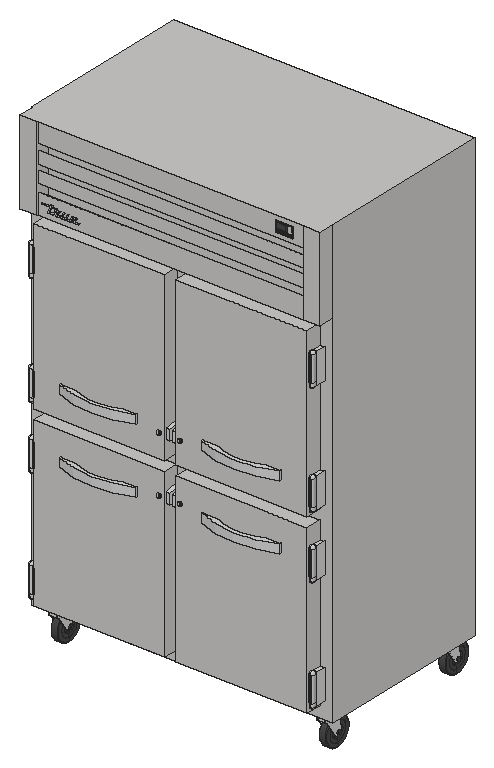
Revit family "QF_TRUE_STG2H-4HS", category Specialty Equipment, Revit 2012 (continued)
Automatic sketch dimensions
  Extrusion 9 sketch curve to Extrusion 9 sketch curve = 0.07764"
  Extrusion 9 sketch curve to Extrusion 9 sketch curve = 0.03794"
  Extrusion 9 sketch curve to Extrusion 9 sketch curve = 0.08552"
  Extrusion 9 sketch curve to Extrusion 9 sketch curve = 0.09296"
  Extrusion 9 sketch curve to Extrusion 9 sketch curve = 0.09314"
  Extrusion 9 sketch curve to Extrusion 9 sketch curve = 0.02781"
  Extrusion 9 sketch curve to Extrusion 9 sketch curve = 0.04981"
  Extrusion 9 sketch curve to Extrusion 9 sketch curve = 0.09315"
  Extrusion 9 sketch curve to Extrusion 9 sketch curve = 0.04799"
  Extrusion 9 sketch curve to Extrusion 9 sketch curve = 0.02531"
  Extrusion 9 sketch curve to Extrusion 9 sketch curve = 0.03054"
  Extrusion 9 sketch curve to Extrusion 9 sketch curve = 0.2589"
  Extrusion 9 sketch curve to Extrusion 9 sketch curve = 0.0674"
  Extrusion 9 sketch curve to Extrusion 9 sketch curve = 0.0324"
  Extrusion 9 sketch curve to Extrusion 9 sketch curve = 0.26185"
  Extrusion 9 sketch curve to Extrusion 9 sketch curve = 11/256"
  Extrusion 9 sketch curve to Extrusion 9 sketch curve = 0.07366"
  Extrusion 9 sketch curve to Extrusion 9 sketch curve = 0.02187"
  Extrusion 9 sketch curve to Extrusion 9 sketch curve = 0.06479"
  Extrusion 9 sketch curve to Extrusion 9 sketch curve = 0.01183"
  Extrusion 9 sketch curve to Extrusion 9 sketch curve = 0.05778"
  Extrusion 9 sketch curve to Extrusion 9 sketch curve = 0.53375"
  Extrusion 9 sketch curve to Extrusion 9 sketch curve = 0.23098"
  Extrusion 9 sketch curve to Extrusion 9 sketch curve = 0"
  Extrusion 9 sketch curve to Extrusion 9 sketch curve = 0.05045"
  Extrusion 9 sketch curve to Extrusion 9 sketch curve = 0.09139"
  Extrusion 9 sketch curve to Extrusion 9 sketch curve = 29/128"  (x3)
  Extrusion 10 sketch curve to plane 10 = 13/32"
  Extrusion 10 sketch curve to plane 6 "TOP" = 2 1/8"
  plane 5 "FRONT" to Extrusion 11 sketch curve = 0"  (x2)
  plane 9 to Extrusion 11 sketch curve = 4.2625"
  Extrusion 11 sketch curve to Extrusion 11 sketch curve = 2.4"  (x2)
  plane 8 to Extrusion 11 sketch curve = 12 13/32"
  Extrusion 11 sketch curve to Extrusion 11 sketch curve = 0"
  plane 5 "FRONT" to Extrusion 11 sketch curve = 0.2"
  Extrusion 11 sketch curve to plane 5 "FRONT" = 7.77899"
  Extrusion 11 sketch curve to Extrusion 11 sketch curve = 7.30945"
  plane 8 to Blend 12 sketch curve = 15/16"  (x2)
  plane 8 to Blend 12 sketch curve = 3/16"
  plane 7 to Blend 12 sketch curve = 35.99169"
  Blend 12 sketch curve to Blend 12 sketch curve = 1 3/4"
  plane 8 to Blend 12 sketch curve = 0.00527"
  plane 7 to Blend 12 sketch curve = 35.3941"
  Blend 12 sketch curve to Blend 12 sketch curve = 2.78233"
  Blend 13 sketch curve to plane 8 = 1 3/32"
  Blend 13 sketch curve to plane 8 = 11/32"
  plane 7 to Blend 13 sketch curve = 37.74169"
  Blend 13 sketch curve to Blend 13 sketch curve = 1 3/4"
  plane 8 to Blend 13 sketch curve = 1 3/32"
  plane 8 to Blend 13 sketch curve = 0.16152"
  Blend 13 sketch curve to plane 7 = 35.3941"
  Blend 13 sketch curve to Blend 13 sketch curve = 2.78233"
  Extrusion 14 sketch curve to plane 5 "FRONT" = 1/2"
  Extrusion 14 sketch curve to Extrusion 14 sketch curve = 0.43503"
  Extrusion 14 sketch curve to Extrusion 14 sketch curve = 0.20453"
  Extrusion 14 sketch curve to Extrusion 14 sketch curve = 1.61044"
  Extrusion 14 sketch curve to plane 6 "TOP" = 24.88873"
  Extrusion 14 sketch curve to Extrusion 14 sketch curve = 0.71221"
  Extrusion 14 sketch curve to Extrusion 14 sketch curve = 4.39928"
  Revolve 15 sketch curve to plane 5 "FRONT" = 0.07771"  (x2)
  Revolve 15 sketch curve to Revolve 15 sketch curve = 0.38242"
  Revolve 15 sketch curve to Revolve 15 sketch curve = 0.38436"
  Revolve 15 sketch curve to plane 5 "FRONT" = 31/64"
  Revolve 15 sketch curve to Revolve 15 sketch curve = 0.40666"
  Revolve 15 sketch curve to Revolve 15 sketch curve = 0"
  Revolve 15 sketch curve to plane 6 "TOP" = 25.07719"
  Revolve 15 sketch curve to Revolve 15 sketch curve = 0.32931"
  Revolve 15 sketch curve to Revolve 15 sketch curve = 0.51246"
  Revolve 15 sketch curve to Revolve 15 sketch curve = 0.05342"
  Revolve 15 sketch curve to Revolve 15 sketch curve = 4.42889"
  Revolve 15 sketch curve to Revolve 15 sketch curve = 0.04281"
  Revolve 15 sketch curve to Revolve 15 sketch curve = 0.18929"
  Revolve 15 sketch curve to Revolve 15 sketch curve = 0.55526"
  Extrusion 16 sketch curve to plane 9 = 0.96009"
  Extrusion 16 sketch curve to Extrusion 16 sketch curve = 0.39759"
  Extrusion 16 sketch curve to plane 6 "TOP" = 24.12421"
  Extrusion 16 sketch curve to Extrusion 16 sketch curve = 4.47281"
  Extrusion 17 sketch curve to plane 5 "FRONT" = 1/2"
  Extrusion 17 sketch curve to Extrusion 17 sketch curve = 0.43503"
  Extrusion 17 sketch curve to Extrusion 17 sketch curve = 0.20453"
  Extrusion 17 sketch curve to Extrusion 17 sketch curve = 1.61044"
  plane 7 to Extrusion 17 sketch curve = 33.61127"
  Extrusion 17 sketch curve to Extrusion 17 sketch curve = 0.71221"
  Extrusion 17 sketch curve to Extrusion 17 sketch curve = 4.39928"
  Revolve 18 sketch curve to plane 5 "FRONT" = 0.07771"  (x2)
  Revolve 18 sketch curve to Revolve 18 sketch curve = 0.38242"
  Revolve 18 sketch curve to Revolve 18 sketch curve = 0.38436"
  Revolve 18 sketch curve to plane 5 "FRONT" = 31/64"
  Revolve 18 sketch curve to Revolve 18 sketch curve = 0.40666"
  Revolve 18 sketch curve to Revolve 18 sketch curve = 0"
  plane 7 to Revolve 18 sketch curve = 33.42281"
  Revolve 18 sketch curve to Revolve 18 sketch curve = 0.32931"
  Revolve 18 sketch curve to Revolve 18 sketch curve = 0.51246"
  Revolve 18 sketch curve to Revolve 18 sketch curve = 0.05342"
  Revolve 18 sketch curve to Revolve 18 sketch curve = 4.42889"
  Revolve 18 sketch curve to Revolve 18 sketch curve = 0.04281"
  Revolve 18 sketch curve to Revolve 18 sketch curve = 0.18929"
  Revolve 18 sketch curve to Revolve 18 sketch curve = 0.55526"
  Extrusion 19 sketch curve to plane 9 = 0.96009"
  Extrusion 19 sketch curve to Extrusion 19 sketch curve = 0.39759"
  plane 7 to Extrusion 19 sketch curve = 34.37579"
  Extrusion 19 sketch curve to Extrusion 19 sketch curve = 4.47281"
  Extrusion 20 sketch curve to plane 5 "FRONT" = 1/2"
  Extrusion 20 sketch curve to Extrusion 20 sketch curve = 0.43503"
  Extrusion 20 sketch curve to Extrusion 20 sketch curve = 0.20453"
  Extrusion 20 sketch curve to Extrusion 20 sketch curve = 1.61044"
  plane 7 to Extrusion 20 sketch curve = 22.61127"
  Extrusion 20 sketch curve to Extrusion 20 sketch curve = 0.71221"
  Extrusion 20 sketch curve to Extrusion 20 sketch curve = 4.39928"
  Revolve 21 sketch curve to plane 5 "FRONT" = 0.07771"  (x2)
  Revolve 21 sketch curve to Revolve 21 sketch curve = 0.38242"
  Revolve 21 sketch curve to Revolve 21 sketch curve = 0.38436"
  Revolve 21 sketch curve to plane 5 "FRONT" = 31/64"
  Revolve 21 sketch curve to Revolve 21 sketch curve = 0.40666"
  Revolve 21 sketch curve to Revolve 21 sketch curve = 0"
  plane 7 to Revolve 21 sketch curve = 22.42281"
  Revolve 21 sketch curve to Revolve 21 sketch curve = 0.32931"
  Revolve 21 sketch curve to Revolve 21 sketch curve = 0.51246"
  Revolve 21 sketch curve to Revolve 21 sketch curve = 0.05342"
  Revolve 21 sketch curve to Revolve 21 sketch curve = 4.42889"
  Revolve 21 sketch curve to Revolve 21 sketch curve = 0.04281"
  Revolve 21 sketch curve to Revolve 21 sketch curve = 0.18929"
  Revolve 21 sketch curve to Revolve 21 sketch curve = 0.55526"
  Extrusion 22 sketch curve to plane 9 = 0.96009"
  Extrusion 22 sketch curve to Extrusion 22 sketch curve = 0.39759"
  plane 7 to Extrusion 22 sketch curve = 23.37579"
  Extrusion 22 sketch curve to Extrusion 22 sketch curve = 4.47281"
  Extrusion 23 sketch curve to plane 5 "FRONT" = 1/2"
  Extrusion 23 sketch curve to Extrusion 23 sketch curve = 0.43503"
  Extrusion 23 sketch curve to Extrusion 23 sketch curve = 0.20453"
  Extrusion 23 sketch curve to Extrusion 23 sketch curve = 1.61044"
  plane 7 to Extrusion 23 sketch curve = 2.86127"
  Extrusion 23 sketch curve to Extrusion 23 sketch curve = 0.71221"
  Extrusion 23 sketch curve to Extrusion 23 sketch curve = 4.39928"
  Revolve 24 sketch curve to plane 5 "FRONT" = 0.07771"  (x2)
  Revolve 24 sketch curve to Revolve 24 sketch curve = 0.38242"
  Revolve 24 sketch curve to Revolve 24 sketch curve = 0.38436"
  Revolve 24 sketch curve to plane 5 "FRONT" = 31/64"
  Revolve 24 sketch curve to Revolve 24 sketch curve = 0.40666"
  Revolve 24 sketch curve to Revolve 24 sketch curve = 0"
  plane 7 to Revolve 24 sketch curve = 2.67281"
  Revolve 24 sketch curve to Revolve 24 sketch curve = 0.32931"
  Revolve 24 sketch curve to Revolve 24 sketch curve = 0.51246"
  Revolve 24 sketch curve to Revolve 24 sketch curve = 0.05342"
  Revolve 24 sketch curve to Revolve 24 sketch curve = 4.42889"
  Revolve 24 sketch curve to Revolve 24 sketch curve = 0.04281"
  Revolve 24 sketch curve to Revolve 24 sketch curve = 0.18929"
  Revolve 24 sketch curve to Revolve 24 sketch curve = 0.55526"
  Extrusion 25 sketch curve to plane 9 = 0.96009"
  Extrusion 25 sketch curve to Extrusion 25 sketch curve = 0.39759"
  plane 7 to Extrusion 25 sketch curve = 3.62579"
  Extrusion 25 sketch curve to Extrusion 25 sketch curve = 4.47281"
  Extrusion 26 sketch curve to plane 5 "FRONT" = 1/2"
  Extrusion 26 sketch curve to Extrusion 26 sketch curve = 0.43503"
  Extrusion 26 sketch curve to Extrusion 26 sketch curve = 0.20453"
  Extrusion 26 sketch curve to Extrusion 26 sketch curve = 1.61044"
  Extrusion 26 sketch curve to plane 6 "TOP" = 19.57271"
  Extrusion 26 sketch curve to Extrusion 26 sketch curve = 4.39928"
  Extrusion 26 sketch curve to Extrusion 26 sketch curve = 0.71221"
  Revolve 27 sketch curve to plane 5 "FRONT" = 0.07771"  (x2)
  Revolve 27 sketch curve to Revolve 27 sketch curve = 0.38242"
  Revolve 27 sketch curve to Revolve 27 sketch curve = 0.38436"
  Revolve 27 sketch curve to plane 5 "FRONT" = 31/64"
  Revolve 27 sketch curve to Revolve 27 sketch curve = 0.40666"
  Revolve 27 sketch curve to Revolve 27 sketch curve = 0"
  Revolve 27 sketch curve to plane 6 "TOP" = 18.75492"
  Revolve 27 sketch curve to Revolve 27 sketch curve = 0.55526"
  Revolve 27 sketch curve to Revolve 27 sketch curve = 0.19474"
  Revolve 27 sketch curve to Revolve 27 sketch curve = 0.14649"
  Revolve 27 sketch curve to Revolve 27 sketch curve = 4.42889"
  Revolve 27 sketch curve to Revolve 27 sketch curve = 0.05342"
  Revolve 27 sketch curve to Revolve 27 sketch curve = 0.51246"
  Revolve 27 sketch curve to Revolve 27 sketch curve = 0.05889"
  plane 10 to Extrusion 28 sketch curve = 0.96009"
  Extrusion 28 sketch curve to Extrusion 28 sketch curve = 0.39759"
  Extrusion 28 sketch curve to plane 6 "TOP" = 19.6514"
  Extrusion 28 sketch curve to Extrusion 28 sketch curve = 4.47281"
  Extrusion 29 sketch curve to plane 5 "FRONT" = 1/2"
  Extrusion 29 sketch curve to Extrusion 29 sketch curve = 0.43503"
  Extrusion 29 sketch curve to Extrusion 29 sketch curve = 0.20453"
  Extrusion 29 sketch curve to Extrusion 29 sketch curve = 1.61044"
  plane 7 to Extrusion 29 sketch curve = 38.92729"
  Extrusion 29 sketch curve to Extrusion 29 sketch curve = 4.39928"
  Extrusion 29 sketch curve to Extrusion 29 sketch curve = 0.71221"
  Revolve 30 sketch curve to plane 5 "FRONT" = 0.07771"  (x2)
  Revolve 30 sketch curve to Revolve 30 sketch curve = 0.38242"
  Revolve 30 sketch curve to Revolve 30 sketch curve = 0.38436"
  Revolve 30 sketch curve to plane 5 "FRONT" = 31/64"
  Revolve 30 sketch curve to Revolve 30 sketch curve = 0.40666"
  Revolve 30 sketch curve to Revolve 30 sketch curve = 0"
  Revolve 30 sketch curve to plane 6 "TOP" = 38.25492"
  Revolve 30 sketch curve to Revolve 30 sketch curve = 0.55526"
  Revolve 30 sketch curve to Revolve 30 sketch curve = 0.19474"
  Revolve 30 sketch curve to Revolve 30 sketch curve = 0.14649"
  Revolve 30 sketch curve to Revolve 30 sketch curve = 4.42889"
  Revolve 30 sketch curve to Revolve 30 sketch curve = 0.05342"
  Revolve 30 sketch curve to Revolve 30 sketch curve = 0.51246"
  Revolve 30 sketch curve to Revolve 30 sketch curve = 0.05889"
  plane 10 to Extrusion 31 sketch curve = 0.96009"
  Extrusion 31 sketch curve to Extrusion 31 sketch curve = 0.39759"
  plane 7 to Extrusion 31 sketch curve = 38.8486"
  Extrusion 31 sketch curve to Extrusion 31 sketch curve = 4.47281"
  Extrusion 32 sketch curve to plane 5 "FRONT" = 1/2"
  Extrusion 32 sketch curve to Extrusion 32 sketch curve = 0.43503"
  Extrusion 32 sketch curve to Extrusion 32 sketch curve = 0.20453"
  Extrusion 32 sketch curve to Extrusion 32 sketch curve = 1.61044"
  plane 7 to Extrusion 32 sketch curve = 27.92729"
  Extrusion 32 sketch curve to Extrusion 32 sketch curve = 4.39928"
  Extrusion 32 sketch curve to Extrusion 32 sketch curve = 0.71221"
  Revolve 33 sketch curve to plane 5 "FRONT" = 0.07771"  (x2)
  Revolve 33 sketch curve to Revolve 33 sketch curve = 0.38242"
  Revolve 33 sketch curve to Revolve 33 sketch curve = 0.38436"
  Revolve 33 sketch curve to plane 5 "FRONT" = 31/64"
  Revolve 33 sketch curve to Revolve 33 sketch curve = 0.40666"
  Revolve 33 sketch curve to Revolve 33 sketch curve = 0"
  plane 7 to Revolve 33 sketch curve = 28.74508"
  Revolve 33 sketch curve to Revolve 33 sketch curve = 0.55526"
  Revolve 33 sketch curve to Revolve 33 sketch curve = 0.19474"
  Revolve 33 sketch curve to Revolve 33 sketch curve = 0.14649"
  Revolve 33 sketch curve to Revolve 33 sketch curve = 4.42889"
  Revolve 33 sketch curve to Revolve 33 sketch curve = 0.05342"
  Revolve 33 sketch curve to Revolve 33 sketch curve = 0.51246"
  Revolve 33 sketch curve to Revolve 33 sketch curve = 0.05889"
  plane 10 to Extrusion 34 sketch curve = 0.96009"
  Extrusion 34 sketch curve to Extrusion 34 sketch curve = 0.39759"
  plane 7 to Extrusion 34 sketch curve = 27.8486"
  Extrusion 34 sketch curve to Extrusion 34 sketch curve = 4.47281"
  Extrusion 35 sketch curve to plane 5 "FRONT" = 1/2"
  Extrusion 35 sketch curve to Extrusion 35 sketch curve = 0.43503"
  Extrusion 35 sketch curve to Extrusion 35 sketch curve = 0.20453"
  Extrusion 35 sketch curve to Extrusion 35 sketch curve = 1.61044"
  plane 7 to Extrusion 35 sketch curve = 8.17729"
  plane 7 to Extrusion 35 sketch curve = 3.57348"
  Extrusion 35 sketch curve to Extrusion 35 sketch curve = 0.71221"
  Revolve 36 sketch curve to plane 5 "FRONT" = 0.07771"  (x2)
  Revolve 36 sketch curve to Revolve 36 sketch curve = 0.38242"
  Revolve 36 sketch curve to Revolve 36 sketch curve = 0.38436"
  Revolve 36 sketch curve to plane 5 "FRONT" = 31/64"
  Revolve 36 sketch curve to Revolve 36 sketch curve = 0.40666"
  Revolve 36 sketch curve to Revolve 36 sketch curve = 0"
  plane 7 to Revolve 36 sketch curve = 8.99508"
  Revolve 36 sketch curve to Revolve 36 sketch curve = 0.55526"
  Revolve 36 sketch curve to Revolve 36 sketch curve = 0.19474"
  Revolve 36 sketch curve to Revolve 36 sketch curve = 0.14649"
  plane 7 to Revolve 36 sketch curve = 3.62689"
  Revolve 36 sketch curve to Revolve 36 sketch curve = 0.05342"
  Revolve 36 sketch curve to Revolve 36 sketch curve = 0.51246"
  Revolve 36 sketch curve to Revolve 36 sketch curve = 0.05889"
  plane 10 to Extrusion 37 sketch curve = 0.96009"
  Extrusion 37 sketch curve to Extrusion 37 sketch curve = 0.39759"
  plane 7 to Extrusion 37 sketch curve = 8.0986"
  plane 7 to Extrusion 37 sketch curve = 3.62579"
  Revolve 38 sketch curve to plane 10 = 1.50773"
  Revolve 38 sketch curve to Revolve 38 sketch curve = 0.48273"
  Revolve 38 sketch curve to plane 10 = 5/8"  (x2)
  Revolve 38 sketch curve to Revolve 38 sketch curve = 0.1"  (x2)
  Revolve 38 sketch curve to Revolve 38 sketch curve = 0.16101"
  plane 10 to Revolve 38 sketch curve = 0.12908"
  plane 10 to Revolve 38 sketch curve = 0.46399"
  plane 10 to Revolve 38 sketch curve = 0.525"
  Revolve 38 sketch curve to Revolve 38 sketch curve = 1/2"
  Revolve 38 sketch curve to Revolve 38 sketch curve = 0.16509"
  Revolve 38 sketch curve to Revolve 38 sketch curve = 0.39592"
  level to Revolve 38 sketch curve = 2 1/2"
  Revolve 38 sketch curve to Revolve 38 sketch curve = 0"
  Revolve 38 sketch curve to Revolve 38 sketch curve = 0.29941"  (x2)
  Revolve 38 sketch curve to Revolve 38 sketch curve = 3/4"  (x4)
  Revolve 38 sketch curve to Revolve 38 sketch curve = 0.59652"
  Revolve 38 sketch curve to Revolve 38 sketch curve = 0.60059"
  Extrusion 39 sketch curve to plane 7 = 0.63926"  (x2)
  Extrusion 39 sketch curve to plane 5 "FRONT" = 3.79864"
  Extrusion 39 sketch curve to Extrusion 39 sketch curve = 1/4"  (x2)
  level to Extrusion 39 sketch curve = 2.18736"  (x2)
  Extrusion 39 sketch curve to Extrusion 39 sketch curve = 1.7492"
  Extrusion 39 sketch curve to Extrusion 39 sketch curve = 0.50669"  (x2)
  Extrusion 39 sketch curve to Extrusion 39 sketch curve = 2 1/2"
  level to Extrusion 39 sketch curve = 2.59003"
  Extrusion 39 sketch curve to Extrusion 39 sketch curve = 0.59966"  (x2)
  plane 1 "BACK" to Extrusion 39 sketch curve = 3.8577"
  plane 1 "BACK" to Extrusion 39 sketch curve = 1.8585"
  plane 1 "BACK" to Extrusion 39 sketch curve = 1.1077"
  Extrusion 39 sketch curve to Extrusion 39 sketch curve = 0.32905"
  Extrusion 39 sketch curve to Extrusion 39 sketch curve = 0.60485"  (x2)
  Extrusion 40 sketch curve to plane 7 = 0.63926"  (x2)
  Extrusion 40 sketch curve to plane 5 "FRONT" = 3.79864"
  Extrusion 40 sketch curve to Extrusion 40 sketch curve = 1/4"  (x2)
  level to Extrusion 40 sketch curve = 2.18736"  (x2)
  Extrusion 40 sketch curve to Extrusion 40 sketch curve = 1.7492"
  Extrusion 40 sketch curve to Extrusion 40 sketch curve = 0.50669"  (x2)
  Extrusion 40 sketch curve to Extrusion 40 sketch curve = 2 1/2"
  level to Extrusion 40 sketch curve = 2.59003"
  Extrusion 40 sketch curve to Extrusion 40 sketch curve = 0.59966"  (x2)
  plane 1 "BACK" to Extrusion 40 sketch curve = 3.8577"
  plane 1 "BACK" to Extrusion 40 sketch curve = 1.8585"
  plane 1 "BACK" to Extrusion 40 sketch curve = 1.1077"
  Extrusion 40 sketch curve to Extrusion 40 sketch curve = 0.32905"
  Extrusion 40 sketch curve to Extrusion 40 sketch curve = 0.60485"  (x2)
  Revolve 41 sketch curve to plane 10 = 0"  (x2)
  Revolve 41 sketch curve to plane 7 = 0.62954"
  Revolve 41 sketch curve to plane 10 = 1.29707"
  Revolve 41 sketch curve to Revolve 41 sketch curve = 0.10278"
  Revolve 41 sketch curve to plane 7 = 0.00141"
  plane 7 to Revolve 41 sketch curve = 0.26768"
  Revolve 42 sketch curve to level = 0"
  Revolve 42 sketch curve to plane 10 = 0"  (x2)
  Revolve 42 sketch curve to plane 10 = 1/2"
  Revolve 42 sketch curve to Revolve 42 sketch curve = 1/4"
  Revolve 42 sketch curve to plane 7 = 0"
  Revolve 42 sketch curve to Revolve 42 sketch curve = 1.33338"
  level to Revolve 42 sketch curve = 1"
  Revolve 42 sketch curve to Revolve 42 sketch curve = 5/8"
  plane 7 to Revolve 42 sketch curve = 1 25/32"
  Revolve 43 sketch curve to level = 0"
  Revolve 43 sketch curve to plane 10 = 0"  (x2)
  Revolve 43 sketch curve to plane 10 = 1/2"
  Revolve 43 sketch curve to Revolve 43 sketch curve = 1/4"
  Revolve 43 sketch curve to plane 7 = 0"
  Revolve 43 sketch curve to Revolve 43 sketch curve = 1.33338"
  level to Revolve 43 sketch curve = 1"
  Revolve 43 sketch curve to Revolve 43 sketch curve = 5/8"
  plane 7 to Revolve 43 sketch curve = 1 25/32"
  Revolve 44 sketch curve to plane 10 = 0"  (x2)
  Revolve 44 sketch curve to plane 7 = 0.62954"
  Revolve 44 sketch curve to plane 10 = 1.29707"
  Revolve 44 sketch curve to Revolve 44 sketch curve = 0.10278"
  Revolve 44 sketch curve to plane 7 = 0.00141"
  plane 7 to Revolve 44 sketch curve = 0.26768"
  Extrusion 45 sketch curve to plane 7 = 0.63926"  (x2)
  Extrusion 45 sketch curve to plane 5 "FRONT" = 3.79864"
  Extrusion 45 sketch curve to Extrusion 45 sketch curve = 1/4"  (x2)
  Extrusion 45 sketch curve to Extrusion 45 sketch curve = 2 1/2"
  Extrusion 45 sketch curve to plane 7 = 0.93273"  (x2)
  Extrusion 45 sketch curve to Extrusion 45 sketch curve = 0.03603"
  plane 1 "BACK" to Extrusion 45 sketch curve = 3.8577"
  Extrusion 45 sketch curve to plane 7 = 1.24411"
  plane 1 "BACK" to Extrusion 45 sketch curve = 1.1077"
  Revolve 46 sketch curve to plane 10 = 1.50773"
  Revolve 46 sketch curve to Revolve 46 sketch curve = 0.48273"
  Revolve 46 sketch curve to plane 10 = 5/8"  (x2)
  Revolve 46 sketch curve to Revolve 46 sketch curve = 0.1"  (x2)
  Revolve 46 sketch curve to Revolve 46 sketch curve = 0.16101"
  plane 10 to Revolve 46 sketch curve = 0.12908"
  plane 10 to Revolve 46 sketch curve = 0.46399"
  plane 10 to Revolve 46 sketch curve = 0.525"
  Revolve 46 sketch curve to Revolve 46 sketch curve = 1/2"
  Revolve 46 sketch curve to Revolve 46 sketch curve = 0.16509"
  Revolve 46 sketch curve to Revolve 46 sketch curve = 0.39592"
  level to Revolve 46 sketch curve = 2 1/2"
  Revolve 46 sketch curve to Revolve 46 sketch curve = 0"
  Revolve 46 sketch curve to Revolve 46 sketch curve = 0.29941"  (x2)
  Revolve 46 sketch curve to Revolve 46 sketch curve = 3/4"  (x4)
  Revolve 46 sketch curve to Revolve 46 sketch curve = 0.59652"
  Revolve 46 sketch curve to Revolve 46 sketch curve = 0.60059"
  plane 3 "LEFT" to Revolve 47 sketch curve = 1.33602"
  Revolve 47 sketch curve to Revolve 47 sketch curve = 0.48273"
  Revolve 47 sketch curve to plane 9 = 5/8"  (x2)
  Revolve 47 sketch curve to Revolve 47 sketch curve = 0.1"  (x2)
  Revolve 47 sketch curve to Revolve 47 sketch curve = 0.16101"
  plane 9 to Revolve 47 sketch curve = 0.12908"
  plane 9 to Revolve 47 sketch curve = 0.46399"
  plane 9 to Revolve 47 sketch curve = 0.525"
  Revolve 47 sketch curve to Revolve 47 sketch curve = 1/2"
  Revolve 47 sketch curve to Revolve 47 sketch curve = 0.16509"
  Revolve 47 sketch curve to Revolve 47 sketch curve = 0.39592"
  level to Revolve 47 sketch curve = 2 1/2"
  Revolve 47 sketch curve to Revolve 47 sketch curve = 0"
  Revolve 47 sketch curve to Revolve 47 sketch curve = 0.29941"  (x2)
  Revolve 47 sketch curve to Revolve 47 sketch curve = 3/4"  (x4)
  Revolve 47 sketch curve to Revolve 47 sketch curve = 0.59652"
  Revolve 47 sketch curve to Revolve 47 sketch curve = 0.60059"
  Extrusion 48 sketch curve to plane 7 = 0.63926"  (x2)
  Extrusion 48 sketch curve to plane 5 "FRONT" = 3.79864"
  Extrusion 48 sketch curve to Extrusion 48 sketch curve = 1/4"  (x2)
  level to Extrusion 48 sketch curve = 2.18736"  (x2)
  Extrusion 48 sketch curve to Extrusion 48 sketch curve = 1.7492"
  Extrusion 48 sketch curve to Extrusion 48 sketch curve = 0.50669"  (x2)
  Extrusion 48 sketch curve to Extrusion 48 sketch curve = 2 1/2"
  level to Extrusion 48 sketch curve = 2.59003"
  Extrusion 48 sketch curve to Extrusion 48 sketch curve = 0.59966"  (x2)
  plane 1 "BACK" to Extrusion 48 sketch curve = 3.8577"
  plane 1 "BACK" to Extrusion 48 sketch curve = 1.8585"
  plane 1 "BACK" to Extrusion 48 sketch curve = 1.1077"
  Extrusion 48 sketch curve to Extrusion 48 sketch curve = 0.32905"
  Extrusion 48 sketch curve to Extrusion 48 sketch curve = 0.60485"  (x2)
  Extrusion 49 sketch curve to plane 7 = 0.63926"  (x2)
  Extrusion 49 sketch curve to plane 5 "FRONT" = 3.79864"
  Extrusion 49 sketch curve to Extrusion 49 sketch curve = 1/4"  (x2)
  level to Extrusion 49 sketch curve = 2.18736"  (x2)
  Extrusion 49 sketch curve to Extrusion 49 sketch curve = 1.7492"
  Extrusion 49 sketch curve to Extrusion 49 sketch curve = 0.50669"  (x2)
  Extrusion 49 sketch curve to Extrusion 49 sketch curve = 2 1/2"
  level to Extrusion 49 sketch curve = 2.59003"
  Extrusion 49 sketch curve to Extrusion 49 sketch curve = 0.59966"  (x2)
  plane 1 "BACK" to Extrusion 49 sketch curve = 3.8577"
  plane 1 "BACK" to Extrusion 49 sketch curve = 1.8585"
  plane 1 "BACK" to Extrusion 49 sketch curve = 1.1077"
  Extrusion 49 sketch curve to Extrusion 49 sketch curve = 0.32905"
  Extrusion 49 sketch curve to Extrusion 49 sketch curve = 0.60485"  (x2)
  Revolve 50 sketch curve to plane 9 = 0"  (x2)
  Revolve 50 sketch curve to plane 7 = 0.62954"
  Revolve 50 sketch curve to plane 9 = 1.29707"
  Revolve 50 sketch curve to Revolve 50 sketch curve = 0.10278"
  Revolve 50 sketch curve to plane 7 = 0.00141"
  plane 7 to Revolve 50 sketch curve = 0.26768"
  Revolve 51 sketch curve to level = 0"
  Revolve 51 sketch curve to plane 9 = 0"  (x2)
  Revolve 51 sketch curve to plane 9 = 1/2"
  Revolve 51 sketch curve to Revolve 51 sketch curve = 1/4"
  Revolve 51 sketch curve to plane 7 = 0"
  Revolve 51 sketch curve to plane 9 = 1.33338"
  level to Revolve 51 sketch curve = 1"
  Revolve 51 sketch curve to Revolve 51 sketch curve = 5/8"
  plane 7 to Revolve 51 sketch curve = 1 25/32"
  Revolve 52 sketch curve to level = 0"
  Revolve 52 sketch curve to plane 9 = 0"  (x2)
  Revolve 52 sketch curve to plane 9 = 1/2"
  Revolve 52 sketch curve to Revolve 52 sketch curve = 1/4"
  Revolve 52 sketch curve to plane 7 = 0"
  Revolve 52 sketch curve to plane 9 = 1.33338"
  level to Revolve 52 sketch curve = 1"
  Revolve 52 sketch curve to Revolve 52 sketch curve = 5/8"
  plane 7 to Revolve 52 sketch curve = 1 25/32"
  Revolve 53 sketch curve to plane 9 = 0"  (x2)
  Revolve 53 sketch curve to plane 7 = 0.62954"
  Revolve 53 sketch curve to plane 9 = 1.29707"
  Revolve 53 sketch curve to Revolve 53 sketch curve = 0.10278"
  Revolve 53 sketch curve to plane 7 = 0.00141"
  plane 7 to Revolve 53 sketch curve = 0.26768"
  Extrusion 54 sketch curve to plane 7 = 0.63926"  (x2)
  Extrusion 54 sketch curve to plane 5 "FRONT" = 3.79864"
  Extrusion 54 sketch curve to Extrusion 54 sketch curve = 1/4"  (x2)
  Extrusion 54 sketch curve to Extrusion 54 sketch curve = 2 1/2"
  Extrusion 54 sketch curve to plane 7 = 0.93273"  (x2)
  Extrusion 54 sketch curve to Extrusion 54 sketch curve = 0.03603"
  plane 1 "BACK" to Extrusion 54 sketch curve = 3.8577"
  Extrusion 54 sketch curve to plane 7 = 1.24411"
  plane 1 "BACK" to Extrusion 54 sketch curve = 1.1077"
  plane 3 "LEFT" to Revolve 55 sketch curve = 1.33602"
  Revolve 55 sketch curve to Revolve 55 sketch curve = 0.48273"
  Revolve 55 sketch curve to plane 9 = 5/8"  (x2)
  Revolve 55 sketch curve to Revolve 55 sketch curve = 0.1"  (x2)
  Revolve 55 sketch curve to Revolve 55 sketch curve = 0.16101"
  plane 9 to Revolve 55 sketch curve = 0.12908"
  plane 9 to Revolve 55 sketch curve = 0.46399"
  plane 9 to Revolve 55 sketch curve = 0.525"
  Revolve 55 sketch curve to Revolve 55 sketch curve = 1/2"
  Revolve 55 sketch curve to Revolve 55 sketch curve = 0.16509"
  Revolve 55 sketch curve to Revolve 55 sketch curve = 0.39592"
  level to Revolve 55 sketch curve = 2 1/2"
  Revolve 55 sketch curve to Revolve 55 sketch curve = 0"
  Revolve 55 sketch curve to Revolve 55 sketch curve = 0.29941"  (x2)
  Revolve 55 sketch curve to Revolve 55 sketch curve = 3/4"  (x4)
  Revolve 55 sketch curve to Revolve 55 sketch curve = 0.59652"
  Revolve 55 sketch curve to Revolve 55 sketch curve = 0.60059"
  Extrusion 56 sketch curve to plane 6 "TOP" = 2.55982"
  Extrusion 56 sketch curve to plane 10 = 5.12093"
  Extrusion 56 sketch curve to plane 10 = 2.21468"
  Extrusion 56 sketch curve to plane 6 "TOP" = 13/16"
  Extrusion 57 sketch curve to plane 6 "TOP" = 3/4"
  Extrusion 57 sketch curve to plane 10 = 5.18343"
  Extrusion 57 sketch curve to Extrusion 57 sketch curve = 1/16"  (x4)
  Extrusion 57 sketch curve to Extrusion 57 sketch curve = 0.1375"  (x2)
  Extrusion 57 sketch curve to Extrusion 57 sketch curve = 1/4"  (x4)
  Extrusion 57 sketch curve to Extrusion 57 sketch curve = 0.44601"
  Extrusion 57 sketch curve to Extrusion 57 sketch curve = 1/2"  (x2)
  Extrusion 57 sketch curve to Extrusion 57 sketch curve = 0.0035"
  Extrusion 57 sketch curve to Extrusion 57 sketch curve = 1.06923"
  Extrusion 57 sketch curve to plane 6 "TOP" = 0.95"
  Extrusion 57 sketch curve to Extrusion 57 sketch curve = 1"
  Extrusion 57 sketch curve to Extrusion 57 sketch curve = 0.34106"  (x3)
  Extrusion 57 sketch curve to Extrusion 57 sketch curve = 0"
  Extrusion 57 sketch curve to Extrusion 57 sketch curve = 0.26876"
  Extrusion 59 sketch curve to plane 9 = 0"
  Extrusion 59 sketch curve to plane 5 "FRONT" = 5.09023"
  Extrusion 60 sketch curve to plane 9 = 0"
  plane 1 "BACK" to Extrusion 60 sketch curve = 2.69102"
  Extrusion 61 sketch curve to plane 10 = 0"
  plane 1 "BACK" to Extrusion 61 sketch curve = 2.69102"
  Extrusion 62 sketch curve to plane 10 = 0"
  Extrusion 62 sketch curve to plane 5 "FRONT" = 5.09023"
  plane 5 "FRONT" to Extrusion 63 sketch curve = 0"  (x2)
  plane 10 to Extrusion 63 sketch curve = 13/32"
  Extrusion 63 sketch curve to plane 8 = 1 3/32"
  plane 8 to Extrusion 63 sketch curve = 15/16"
  Extrusion 63 sketch curve to plane 9 = 9/16"
  plane 8 to Extrusion 64 sketch curve = 1 233/256"
  Extrusion 64 sketch curve to Extrusion 64 sketch curve = 9/256"
  Extrusion 64 sketch curve to Extrusion 64 sketch curve = 0.0555"  (x2)
  Extrusion 64 sketch curve to plane 8 = 1.72965"
  Extrusion 64 sketch curve to Extrusion 64 sketch curve = 0.02035"
  plane 7 to Extrusion 64 sketch curve = 26.66365"
  Extrusion 64 sketch curve to Extrusion 64 sketch curve = 0"
  Extrusion 64 sketch curve to Extrusion 64 sketch curve = 0.27385"  (x2)
  Extrusion 64 sketch curve to Extrusion 64 sketch curve = 0.29355"  (x2)
  plane 8 to Blend 65 sketch curve = 15/16"
  plane 8 to Blend 65 sketch curve = 3/16"
  plane 7 to Blend 65 sketch curve = 26.00831"
  Blend 65 sketch curve to Blend 65 sketch curve = 1 3/4"
  Blend 65 sketch curve to plane 8 = 15/16"
  Blend 65 sketch curve to plane 8 = 0.00527"
  Blend 65 sketch curve to plane 7 = 28.3559"
  Blend 65 sketch curve to Blend 65 sketch curve = 2.78233"
  Blend 66 sketch curve to plane 8 = 1 3/32"  (x2)
  Blend 66 sketch curve to plane 8 = 11/32"
  plane 7 to Blend 66 sketch curve = 27.75831"
  Blend 66 sketch curve to Blend 66 sketch curve = 1 3/4"
  Blend 66 sketch curve to plane 8 = 0.16152"
  plane 7 to Blend 66 sketch curve = 28.3559"
  Blend 66 sketch curve to Blend 66 sketch curve = 2.78233"
  plane 5 "FRONT" to Extrusion 67 sketch curve = 0"  (x2)
  Extrusion 67 sketch curve to plane 8 = 5.7625"
  Extrusion 67 sketch curve to Extrusion 67 sketch curve = 2.4"  (x2)
  Extrusion 67 sketch curve to Extrusion 67 sketch curve = 4.4"
  Extrusion 67 sketch curve to Extrusion 67 sketch curve = 0"
  Extrusion 67 sketch curve to Extrusion 67 sketch curve = 0.2"
  Extrusion 67 sketch curve to plane 5 "FRONT" = 7.77899"
  Extrusion 67 sketch curve to Extrusion 67 sketch curve = 7.30945"
  plane 5 "FRONT" to Extrusion 68 sketch curve = 0"  (x2)
  plane 9 to Extrusion 68 sketch curve = 4.2625"
  Extrusion 68 sketch curve to Extrusion 68 sketch curve = 2.4"  (x2)
  plane 8 to Extrusion 68 sketch curve = 12 13/32"
  Extrusion 68 sketch curve to Extrusion 68 sketch curve = 0"
  plane 5 "FRONT" to Extrusion 68 sketch curve = 0.2"
  Extrusion 68 sketch curve to plane 5 "FRONT" = 7.77899"
  Extrusion 68 sketch curve to Extrusion 68 sketch curve = 7.30945"
  Extrusion 58 sketch curve to plane 13 = 0"  (x2)
  plane 5 "FRONT" to Extrusion 58 sketch curve = 0"  (x2)
  Extrusion 58 sketch curve to plane 5 "FRONT" = 0.15431"
  plane 10 to Extrusion 58 sketch curve = 0.65513"
  plane 10 to Extrusion 58 sketch curve = 13/32"
  plane 8 to Extrusion 58 sketch curve = 15/16"
  Extrusion 58 sketch curve to plane 9 = 9/16"
  Extrusion 58 sketch curve to plane 5 "FRONT" = 0.21036"
  plane 1 "BACK" to curve 1 = 0"
  curve 1 to plane 3 "LEFT" = 0"
  plane 5 "FRONT" to curve 24 = 0"
  curve 3 to plane 4 "RIGHT" = 0"
  plane 3 "LEFT" to curve 31 = 1.38222"
  plane 3 "LEFT" to curve 28 = 1.38222"
  curve 24 to plane 9 = 9/16"
  curve 25 to curve 24 = 0"
  curve 32 to plane 9 = 0.31874"
  curve 29 to plane 9 = 0.31874"
  plane 9 to curve 30 = 1.00722"
  plane 1 "BACK" to curve 27 = 0.4208"
  plane 9 to curve 27 = 1.00722"
  plane 5 "FRONT" to curve 21 = 0.2"
  plane 9 to curve 21 = 4.30625"
  curve 21 to curve 18 = 2.4"
  curve 30 to curve 19 = 8.64374"
  curve 18 to curve 19 = 0"
  curve 18 to curve 20 = 2.4"
  plane 8 to curve 25 = 4.01054"
  plane 8 to curve 25 = 15/16"
  curve 23 to plane 12 = 15/16"
  curve 22 to plane 12 = 4.01054"
  plane 5 "FRONT" to curve 16 = 0.2"
  curve 23 to curve 16 = 4 19/32"
  curve 16 to curve 14 = 2.4"
  curve 15 to plane 10 = 11.1375"
  curve 14 to curve 15 = 0"
  plane 5 "FRONT" to curve 15 = 0.2"
  curve 11 to plane 10 = 2.55528"
  curve 8 to plane 10 = 2.55528"
  curve 8 to plane 10 = 1.25624"
  curve 13 to plane 10 = 1.25624"
  plane 10 to curve 10 = 0.06972"
  plane 10 to curve 6 = 0.06972"
  plane 10 to curve 22 = 13/32"
  curve 23 to curve 22 = 0"
  curve 5 to plane 5 "FRONT" = 2 1/4"
  curve 13 to plane 5 "FRONT" = 3.92849"
  curve 5 to curve 32 = 1.67849"
  curve 12 to curve 11 = 3/4"
  curve 32 to curve 32 = 3/4"
  curve 18 to plane 5 "FRONT" = 7.77899"
  curve 14 to plane 5 "FRONT" = 7.77899"
  curve 14 to curve 15 = 7.30945"
  curve 18 to curve 19 = 7.30945"
  curve 29 to curve 26 = 5.29663"
  plane 1 "BACK" to curve 9 = 5.71743"
  curve 8 to curve 8 = 3/4"
  radius of Extrusion 8 sketch curve = 0.35"  (x2)
  radius of Extrusion 10 sketch curve = 1/4"
  radius of Extrusion 59 sketch curve = 1 1/2"
  radius of Extrusion 60 sketch curve = 1 1/2"
  radius of Extrusion 61 sketch curve = 1 1/2"
  radius of Extrusion 62 sketch curve = 1 1/2"
  radius of Extrusion 64 sketch curve = 0.35"  (x2)
Connectors (in)
  electrical at (49.53125, -0.0625, 82), driven by "Volts", driven by "Watts"
    settings: on Extrusion 10, index 1, voltage 208 V, apparent load 3000 VA, apparent load phase1 0 VA, apparent load phase2 0 VA, apparent load phase3 0 VA, power factor 1, load classification "Other", number of poles 1, system type 30, power factor state 1, is connector primary yes, connector utility no, sub classification motor no, connector description "ELECTRICAL CONNECTION"
